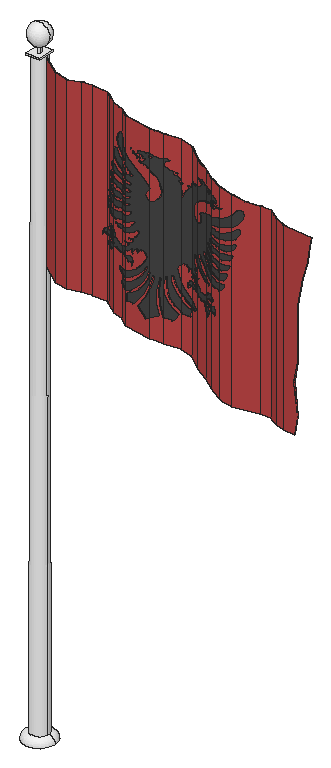
Revit family "Albanian Flag & Flag Pole", category Site, Revit 2014 (continued)
Automatic sketch dimensions
  Extrusion 7 sketch curve to Extrusion 7 sketch curve = 7.353 mm  (x2)
  Extrusion 7 sketch curve to Extrusion 7 sketch curve = 7.862 mm  (x2)
  Extrusion 7 sketch curve to Extrusion 7 sketch curve = 23.492 mm  (x2)
  Extrusion 7 sketch curve to Extrusion 7 sketch curve = 10.713 mm  (x2)
  Extrusion 7 sketch curve to Extrusion 7 sketch curve = 29.705 mm  (x2)
  Extrusion 7 sketch curve to Extrusion 7 sketch curve = 11.208 mm  (x2)
  Extrusion 7 sketch curve to Extrusion 7 sketch curve = 17.169 mm  (x2)
  Extrusion 7 sketch curve to Extrusion 7 sketch curve = 16.18 mm  (x2)
  Extrusion 7 sketch curve to Extrusion 7 sketch curve = 19.778 mm  (x2)
  Extrusion 7 sketch curve to Extrusion 7 sketch curve = 8.069 mm  (x2)
  Extrusion 7 sketch curve to Extrusion 7 sketch curve = 17.321 mm  (x6)
  Extrusion 7 sketch curve to Extrusion 7 sketch curve = 10.163 mm  (x2)
  Extrusion 7 sketch curve to Extrusion 7 sketch curve = 27.302 mm  (x2)
  Extrusion 7 sketch curve to Extrusion 7 sketch curve = 14.751 mm  (x2)
  Extrusion 7 sketch curve to Extrusion 7 sketch curve = 4.894 mm  (x2)
  Extrusion 7 sketch curve to Extrusion 7 sketch curve = 1.122 mm  (x2)
  Extrusion 7 sketch curve to Extrusion 7 sketch curve = 1.444 mm  (x2)
  Extrusion 7 sketch curve to Extrusion 7 sketch curve = 3.451 mm  (x2)
  Extrusion 7 sketch curve to Extrusion 7 sketch curve = 4.19 mm  (x2)
  Extrusion 7 sketch curve to Extrusion 7 sketch curve = 4.883 mm  (x2)
  Extrusion 7 sketch curve to Extrusion 7 sketch curve = 6.55 mm  (x2)
  Extrusion 7 sketch curve to Extrusion 7 sketch curve = 8.555 mm  (x2)
  Extrusion 7 sketch curve to Extrusion 7 sketch curve = 11.108 mm  (x2)
  Extrusion 7 sketch curve to Extrusion 7 sketch curve = 63.747 mm  (x2)
  Extrusion 7 sketch curve to Extrusion 7 sketch curve = 15.992 mm  (x2)
  Extrusion 7 sketch curve to Extrusion 7 sketch curve = 7.552 mm  (x2)
  Extrusion 7 sketch curve to Extrusion 7 sketch curve = 26.636 mm  (x2)
  Extrusion 7 sketch curve to Extrusion 7 sketch curve = 5.872 mm  (x2)
  Extrusion 7 sketch curve to Extrusion 7 sketch curve = 3.724 mm  (x2)
  Extrusion 7 sketch curve to Extrusion 7 sketch curve = 2.335 mm  (x2)
  Extrusion 7 sketch curve to Extrusion 7 sketch curve = 3.138 mm  (x2)
  Extrusion 7 sketch curve to Extrusion 7 sketch curve = 2.868 mm  (x2)
  Extrusion 7 sketch curve to Extrusion 7 sketch curve = 12.481 mm  (x2)
  Extrusion 7 sketch curve to Extrusion 7 sketch curve = 10.301 mm  (x2)
  Extrusion 7 sketch curve to Extrusion 7 sketch curve = 6.411 mm  (x2)
  Extrusion 7 sketch curve to Extrusion 7 sketch curve = 10.435 mm  (x2)
  Extrusion 7 sketch curve to Extrusion 7 sketch curve = 8.07 mm  (x2)
  Extrusion 7 sketch curve to Extrusion 7 sketch curve = 37.995 mm  (x2)
  Extrusion 7 sketch curve to Extrusion 7 sketch curve = 8.139 mm  (x2)
  Extrusion 7 sketch curve to Extrusion 7 sketch curve = 16.857 mm  (x2)
  Extrusion 7 sketch curve to Extrusion 7 sketch curve = 40.626 mm  (x2)
  Extrusion 7 sketch curve to Extrusion 7 sketch curve = 37.901 mm  (x2)
  Extrusion 7 sketch curve to Extrusion 7 sketch curve = 9.677 mm  (x2)
  Extrusion 7 sketch curve to Extrusion 7 sketch curve = 20.455 mm  (x2)
  Extrusion 7 sketch curve to Extrusion 7 sketch curve = 55.168 mm  (x2)
  Extrusion 7 sketch curve to Extrusion 7 sketch curve = 10.836 mm  (x2)
  Extrusion 7 sketch curve to Extrusion 7 sketch curve = 17.906 mm  (x2)
  Extrusion 7 sketch curve to Extrusion 7 sketch curve = 16.968 mm  (x6)
  Extrusion 7 sketch curve to Extrusion 7 sketch curve = 26.103 mm  (x2)
  Extrusion 7 sketch curve to Extrusion 7 sketch curve = 56.301 mm  (x2)
  Extrusion 7 sketch curve to Extrusion 7 sketch curve = 36.94 mm  (x2)
  Extrusion 7 sketch curve to Extrusion 7 sketch curve = 18.854 mm  (x2)
  Extrusion 7 sketch curve to Extrusion 7 sketch curve = 19.851 mm  (x2)
  Extrusion 7 sketch curve to Extrusion 7 sketch curve = 25.752 mm  (x2)
  Extrusion 7 sketch curve to Extrusion 7 sketch curve = 18.062 mm  (x2)
  Extrusion 7 sketch curve to Extrusion 7 sketch curve = 16.282 mm  (x2)
  Extrusion 7 sketch curve to Extrusion 7 sketch curve = 38.567 mm  (x2)
  Extrusion 7 sketch curve to Extrusion 7 sketch curve = 10.807 mm  (x2)
  Extrusion 7 sketch curve to Extrusion 7 sketch curve = 8.462 mm  (x2)
  Extrusion 7 sketch curve to Extrusion 7 sketch curve = 4.125 mm
  Extrusion 7 sketch curve to Extrusion 7 sketch curve = 105.487 mm  (x2)
  Extrusion 7 sketch curve to Extrusion 7 sketch curve = 3.824 mm  (x2)
  Extrusion 7 sketch curve to Extrusion 7 sketch curve = 4.163 mm  (x2)
  Extrusion 7 sketch curve to Extrusion 7 sketch curve = 6.475 mm  (x2)
  Extrusion 7 sketch curve to Extrusion 7 sketch curve = 9.059 mm  (x2)
  Extrusion 7 sketch curve to Extrusion 7 sketch curve = 9.365 mm  (x4)
  Extrusion 7 sketch curve to Extrusion 7 sketch curve = 40.555 mm  (x2)
  Extrusion 7 sketch curve to Extrusion 7 sketch curve = 9.246 mm  (x2)
  Extrusion 7 sketch curve to Extrusion 7 sketch curve = 6.307 mm  (x2)
  Extrusion 7 sketch curve to Extrusion 7 sketch curve = 6.325 mm  (x2)
  Extrusion 7 sketch curve to Extrusion 7 sketch curve = 4.603 mm
  Extrusion 7 sketch curve to Extrusion 7 sketch curve = 3.038 mm
  Extrusion 7 sketch curve to Extrusion 7 sketch curve = 11.395 mm  (x2)
  Extrusion 7 sketch curve to Extrusion 7 sketch curve = 27.884 mm  (x2)
  Extrusion 7 sketch curve to Extrusion 7 sketch curve = 21.548 mm  (x2)
  Extrusion 7 sketch curve to Extrusion 7 sketch curve = 44.421 mm
  Extrusion 7 sketch curve to Extrusion 7 sketch curve = 42.799 mm
  Extrusion 7 sketch curve to Extrusion 7 sketch curve = 1.832 mm  (x4)
  Extrusion 7 sketch curve to Extrusion 7 sketch curve = 14.792 mm  (x2)
  Extrusion 7 sketch curve to Extrusion 7 sketch curve = 8.047 mm  (x2)
  Extrusion 7 sketch curve to Extrusion 7 sketch curve = 13.616 mm  (x2)
  Extrusion 7 sketch curve to Extrusion 7 sketch curve = 13.982 mm  (x2)
  Extrusion 7 sketch curve to Extrusion 7 sketch curve = 10.353 mm  (x6)
  Extrusion 7 sketch curve to Extrusion 7 sketch curve = 19.966 mm  (x2)
  Extrusion 7 sketch curve to Extrusion 7 sketch curve = 33.899 mm  (x2)
  Extrusion 7 sketch curve to Extrusion 7 sketch curve = 22.345 mm  (x2)
  Extrusion 7 sketch curve to Extrusion 7 sketch curve = 23.407 mm  (x2)
  Extrusion 7 sketch curve to Extrusion 7 sketch curve = 100.309 mm  (x2)
  Extrusion 7 sketch curve to Extrusion 7 sketch curve = 2.645 mm  (x2)
  Extrusion 7 sketch curve to Extrusion 7 sketch curve = 24.69 mm  (x2)
  Extrusion 7 sketch curve to Extrusion 7 sketch curve = 21.001 mm  (x2)
  Extrusion 7 sketch curve to Extrusion 7 sketch curve = 7.823 mm  (x2)
  Extrusion 7 sketch curve to Extrusion 7 sketch curve = 6.909 mm  (x2)
  Extrusion 7 sketch curve to Extrusion 7 sketch curve = 10.415 mm  (x2)
  Extrusion 7 sketch curve to Extrusion 7 sketch curve = 3.447 mm  (x2)
  Extrusion 7 sketch curve to Extrusion 7 sketch curve = 7.492 mm  (x6)
  Extrusion 7 sketch curve to Extrusion 7 sketch curve = 3.231 mm  (x2)
  Extrusion 7 sketch curve to Extrusion 7 sketch curve = 5.226 mm  (x2)
  Extrusion 7 sketch curve to Extrusion 7 sketch curve = 9.696 mm  (x6)
  Extrusion 7 sketch curve to Extrusion 7 sketch curve = 34.362 mm  (x2)
  Extrusion 7 sketch curve to Extrusion 7 sketch curve = 17.101 mm  (x2)
  Extrusion 7 sketch curve to Extrusion 7 sketch curve = 1.866 mm  (x2)
  Extrusion 7 sketch curve to Extrusion 7 sketch curve = 4.693 mm  (x2)
  Extrusion 7 sketch curve to Extrusion 7 sketch curve = 5.368 mm  (x2)
  Extrusion 7 sketch curve to Extrusion 7 sketch curve = 15.274 mm  (x2)
  Extrusion 7 sketch curve to Extrusion 7 sketch curve = 32.822 mm  (x2)
  Extrusion 7 sketch curve to Extrusion 7 sketch curve = 30.02 mm  (x2)
  Extrusion 7 sketch curve to Extrusion 7 sketch curve = 29.956 mm  (x2)
  Extrusion 7 sketch curve to Extrusion 7 sketch curve = 14.544 mm  (x2)
  Extrusion 7 sketch curve to Extrusion 7 sketch curve = 28.363 mm  (x2)
  Extrusion 7 sketch curve to Extrusion 7 sketch curve = 4.643 mm  (x2)
  Extrusion 7 sketch curve to Extrusion 7 sketch curve = 8.035 mm  (x2)
  Extrusion 7 sketch curve to Extrusion 7 sketch curve = 12.609 mm  (x2)
  Extrusion 7 sketch curve to Extrusion 7 sketch curve = 6.601 mm  (x2)
  Extrusion 7 sketch curve to Extrusion 7 sketch curve = 2.143 mm  (x2)
  Extrusion 7 sketch curve to Extrusion 7 sketch curve = 2.705 mm  (x2)
  Extrusion 7 sketch curve to Extrusion 7 sketch curve = 0.13 mm  (x2)
  Extrusion 7 sketch curve to Extrusion 7 sketch curve = 0.659 mm  (x2)
  Extrusion 7 sketch curve to Extrusion 7 sketch curve = 80.747 mm  (x2)
  Extrusion 7 sketch curve to Extrusion 7 sketch curve = 19.563 mm  (x2)
  Extrusion 7 sketch curve to Extrusion 7 sketch curve = 5.74 mm  (x2)
  Extrusion 7 sketch curve to Extrusion 7 sketch curve = 6.237 mm  (x6)
  Extrusion 7 sketch curve to Extrusion 7 sketch curve = 15.551 mm  (x2)
  Extrusion 7 sketch curve to Extrusion 7 sketch curve = 11.695 mm  (x6)
  Extrusion 7 sketch curve to Extrusion 7 sketch curve = 10.261 mm  (x2)
  Extrusion 7 sketch curve to Extrusion 7 sketch curve = 10.752 mm  (x2)
  Extrusion 7 sketch curve to Extrusion 7 sketch curve = 12.328 mm  (x2)
  Extrusion 7 sketch curve to Extrusion 7 sketch curve = 11.551 mm  (x2)
  Extrusion 7 sketch curve to Extrusion 7 sketch curve = 46.092 mm  (x2)
  Extrusion 7 sketch curve to Extrusion 7 sketch curve = 4.848 mm  (x4)
  Extrusion 7 sketch curve to Extrusion 7 sketch curve = 44.648 mm  (x2)
  Extrusion 7 sketch curve to Extrusion 7 sketch curve = 33.379 mm  (x2)
  Extrusion 7 sketch curve to Extrusion 7 sketch curve = 28.327 mm  (x2)
  Extrusion 7 sketch curve to Extrusion 7 sketch curve = 30.944 mm  (x2)
  Extrusion 7 sketch curve to Extrusion 7 sketch curve = 40.064 mm  (x2)
  Extrusion 7 sketch curve to Extrusion 7 sketch curve = 7.229 mm  (x2)
  Extrusion 7 sketch curve to Extrusion 7 sketch curve = 11.676 mm  (x2)
  Extrusion 7 sketch curve to Extrusion 7 sketch curve = 13.198 mm  (x2)
  Extrusion 7 sketch curve to Extrusion 7 sketch curve = 10.354 mm  (x2)
  Extrusion 7 sketch curve to Extrusion 7 sketch curve = 13.758 mm  (x2)
  Extrusion 7 sketch curve to Extrusion 7 sketch curve = 4.614 mm  (x2)
  Extrusion 7 sketch curve to Extrusion 7 sketch curve = 3.902 mm  (x2)
  Extrusion 7 sketch curve to Extrusion 7 sketch curve = 23.511 mm  (x4)
  Extrusion 7 sketch curve to Extrusion 7 sketch curve = 78.497 mm  (x2)
  Extrusion 7 sketch curve to Extrusion 7 sketch curve = 3.922 mm  (x2)
  Extrusion 7 sketch curve to Extrusion 7 sketch curve = 4.657 mm  (x2)
  Extrusion 7 sketch curve to Extrusion 7 sketch curve = 2.615 mm  (x2)
  Extrusion 7 sketch curve to Extrusion 7 sketch curve = 12.372 mm  (x2)
  Extrusion 7 sketch curve to Extrusion 7 sketch curve = 19.756 mm  (x2)
  Extrusion 7 sketch curve to Extrusion 7 sketch curve = 4.819 mm  (x2)
  Extrusion 7 sketch curve to Extrusion 7 sketch curve = 4.022 mm  (x2)
  Extrusion 7 sketch curve to Extrusion 7 sketch curve = 16.053 mm  (x2)
  Extrusion 7 sketch curve to Extrusion 7 sketch curve = 5.065 mm  (x2)
  Extrusion 7 sketch curve to Extrusion 7 sketch curve = 26.653 mm
  Extrusion 7 sketch curve to Extrusion 7 sketch curve = 1.45 mm
  Extrusion 7 sketch curve to Extrusion 7 sketch curve = 44.625 mm  (x2)
  Extrusion 7 sketch curve to Extrusion 7 sketch curve = 9.272 mm  (x2)
  Extrusion 7 sketch curve to Extrusion 7 sketch curve = 8.328 mm  (x2)
  Extrusion 7 sketch curve to Extrusion 7 sketch curve = 43.5 mm  (x2)
  Extrusion 7 sketch curve to Extrusion 7 sketch curve = 30.034 mm  (x2)
  Extrusion 7 sketch curve to Extrusion 7 sketch curve = 8.655 mm  (x2)
  Extrusion 7 sketch curve to Extrusion 7 sketch curve = 14.487 mm  (x2)
  Extrusion 7 sketch curve to Extrusion 7 sketch curve = 13.184 mm  (x2)
  Extrusion 7 sketch curve to Extrusion 7 sketch curve = 66.131 mm  (x2)
  Extrusion 7 sketch curve to Extrusion 7 sketch curve = 2.438 mm  (x2)
  Extrusion 7 sketch curve to Extrusion 7 sketch curve = 68.066 mm  (x2)
  Extrusion 7 sketch curve to Extrusion 7 sketch curve = 19.151 mm  (x2)
  Extrusion 7 sketch curve to Extrusion 7 sketch curve = 17.919 mm  (x2)
  Extrusion 7 sketch curve to Extrusion 7 sketch curve = 3.829 mm  (x2)
  Extrusion 7 sketch curve to Extrusion 7 sketch curve = 16.096 mm  (x2)
  Extrusion 7 sketch curve to Extrusion 7 sketch curve = 1.41 mm  (x2)
  Extrusion 7 sketch curve to Extrusion 7 sketch curve = 9.498 mm  (x2)
  Extrusion 7 sketch curve to Extrusion 7 sketch curve = 3.129 mm  (x4)
  Extrusion 7 sketch curve to Extrusion 7 sketch curve = 16.665 mm  (x2)
  Extrusion 7 sketch curve to Extrusion 7 sketch curve = 6.055 mm  (x2)
  Extrusion 7 sketch curve to Extrusion 7 sketch curve = 13.111 mm  (x2)
  Extrusion 7 sketch curve to Extrusion 7 sketch curve = 20.521 mm  (x2)
  Extrusion 7 sketch curve to Extrusion 7 sketch curve = 9.356 mm  (x2)
  Extrusion 7 sketch curve to Extrusion 7 sketch curve = 6.656 mm  (x2)
  Extrusion 7 sketch curve to Extrusion 7 sketch curve = 19.392 mm  (x2)
  Extrusion 7 sketch curve to Extrusion 7 sketch curve = 13.19 mm  (x2)
  Extrusion 7 sketch curve to Extrusion 7 sketch curve = 57.352 mm  (x2)
  Extrusion 7 sketch curve to Extrusion 7 sketch curve = 17.869 mm  (x2)
  Extrusion 7 sketch curve to Extrusion 7 sketch curve = 9.767 mm  (x2)
  Extrusion 7 sketch curve to Extrusion 7 sketch curve = 31.02 mm  (x2)
  Extrusion 7 sketch curve to Extrusion 7 sketch curve = 9.563 mm  (x2)
  Extrusion 7 sketch curve to Extrusion 7 sketch curve = 16.262 mm  (x2)
  Extrusion 7 sketch curve to Extrusion 7 sketch curve = 10.489 mm  (x2)
  Extrusion 7 sketch curve to Extrusion 7 sketch curve = 7.547 mm  (x2)
  Extrusion 7 sketch curve to Extrusion 7 sketch curve = 32.086 mm  (x2)
  Extrusion 7 sketch curve to Extrusion 7 sketch curve = 32.541 mm
  Extrusion 7 sketch curve to Extrusion 7 sketch curve = 18.995 mm  (x2)
  Extrusion 7 sketch curve to Extrusion 7 sketch curve = 97.272 mm
  Extrusion 7 sketch curve to Extrusion 7 sketch curve = 91.217 mm
  Extrusion 7 sketch curve to Extrusion 7 sketch curve = 26.704 mm  (x2)
  Extrusion 7 sketch curve to Extrusion 7 sketch curve = 7 mm  (x2)
  Extrusion 7 sketch curve to Extrusion 7 sketch curve = 19.975 mm  (x2)
  Extrusion 7 sketch curve to Extrusion 7 sketch curve = 4.494 mm  (x2)
  Extrusion 7 sketch curve to Extrusion 7 sketch curve = 14.651 mm  (x2)
  Extrusion 7 sketch curve to Extrusion 7 sketch curve = 8.63 mm  (x2)
  Extrusion 7 sketch curve to Extrusion 7 sketch curve = 18.096 mm  (x2)
  Extrusion 7 sketch curve to Extrusion 7 sketch curve = 27.816 mm  (x2)
  Extrusion 7 sketch curve to Extrusion 7 sketch curve = 31.436 mm
  Extrusion 7 sketch curve to Extrusion 7 sketch curve = 45.79 mm  (x2)
  Extrusion 7 sketch curve to Extrusion 7 sketch curve = 30.188 mm  (x2)
  Extrusion 7 sketch curve to Extrusion 7 sketch curve = 25.441 mm  (x2)
  Extrusion 7 sketch curve to Extrusion 7 sketch curve = 31.513 mm  (x2)
  Extrusion 7 sketch curve to Extrusion 7 sketch curve = 24.11 mm  (x2)
  Extrusion 7 sketch curve to Extrusion 7 sketch curve = 44.663 mm  (x2)
  Extrusion 7 sketch curve to Extrusion 7 sketch curve = 41.008 mm  (x2)
  Extrusion 7 sketch curve to Extrusion 7 sketch curve = 25.228 mm  (x2)
  Extrusion 7 sketch curve to Extrusion 7 sketch curve = 32.889 mm  (x2)
  Extrusion 7 sketch curve to Extrusion 7 sketch curve = 25.462 mm  (x2)
  Extrusion 7 sketch curve to Extrusion 7 sketch curve = 41.145 mm  (x2)
  Extrusion 7 sketch curve to Extrusion 7 sketch curve = 24.985 mm  (x2)
  Extrusion 7 sketch curve to Extrusion 7 sketch curve = 23.959 mm  (x4)
  Extrusion 7 sketch curve to Extrusion 7 sketch curve = 32.459 mm  (x2)
  Extrusion 7 sketch curve to Extrusion 7 sketch curve = 34.739 mm  (x2)
  Extrusion 7 sketch curve to Extrusion 7 sketch curve = 19.074 mm  (x2)
  Extrusion 7 sketch curve to Extrusion 7 sketch curve = 30.832 mm  (x2)
  Extrusion 7 sketch curve to Extrusion 7 sketch curve = 20.624 mm  (x2)
  Extrusion 7 sketch curve to Extrusion 7 sketch curve = 18.868 mm  (x2)
  Extrusion 7 sketch curve to Extrusion 7 sketch curve = 23.846 mm  (x2)
  Extrusion 7 sketch curve to Extrusion 7 sketch curve = 24.871 mm  (x2)
  Extrusion 7 sketch curve to Extrusion 7 sketch curve = 15.973 mm  (x2)
  Extrusion 7 sketch curve to Extrusion 7 sketch curve = 5.788 mm  (x2)
  Extrusion 7 sketch curve to Extrusion 7 sketch curve = 6.096 mm
  Extrusion 7 sketch curve to Extrusion 7 sketch curve = 3.323 mm  (x2)
  Extrusion 7 sketch curve to Extrusion 7 sketch curve = 3.25 mm  (x2)
  Extrusion 7 sketch curve to Extrusion 7 sketch curve = 12.688 mm  (x2)
  Extrusion 7 sketch curve to Extrusion 7 sketch curve = 18.314 mm  (x2)
  Extrusion 7 sketch curve to Extrusion 7 sketch curve = 101.789 mm  (x2)
  Extrusion 7 sketch curve to Extrusion 7 sketch curve = 15.871 mm  (x2)
  Extrusion 7 sketch curve to Extrusion 7 sketch curve = 22.641 mm  (x2)
  Extrusion 7 sketch curve to Extrusion 7 sketch curve = 14.366 mm  (x2)
  Extrusion 7 sketch curve to Extrusion 7 sketch curve = 17.207 mm  (x2)
  Extrusion 7 sketch curve to Extrusion 7 sketch curve = 12.606 mm  (x2)
  Extrusion 7 sketch curve to Extrusion 7 sketch curve = 39.844 mm  (x2)
  Extrusion 7 sketch curve to Extrusion 7 sketch curve = 21.15 mm  (x2)
  Extrusion 7 sketch curve to Extrusion 7 sketch curve = 3.142 mm  (x2)
  Extrusion 7 sketch curve to Extrusion 7 sketch curve = 2.419 mm  (x2)
  Extrusion 7 sketch curve to Extrusion 7 sketch curve = 1.339 mm  (x2)
  Extrusion 7 sketch curve to Extrusion 7 sketch curve = 2.066 mm  (x2)
  Extrusion 7 sketch curve to Extrusion 7 sketch curve = 1.609 mm  (x2)
  Extrusion 7 sketch curve to Extrusion 7 sketch curve = 6.871 mm  (x2)
  Extrusion 7 sketch curve to Extrusion 7 sketch curve = 9.267 mm  (x2)
  Extrusion 7 sketch curve to Extrusion 7 sketch curve = 2.628 mm  (x2)
  Extrusion 7 sketch curve to Extrusion 7 sketch curve = 24.845 mm  (x2)
  Extrusion 7 sketch curve to Extrusion 7 sketch curve = 1.702 mm
  Extrusion 7 sketch curve to Extrusion 7 sketch curve = 8.471 mm  (x2)
  Extrusion 7 sketch curve to Extrusion 7 sketch curve = 15.493 mm  (x2)
  Extrusion 7 sketch curve to Extrusion 7 sketch curve = 23.236 mm
  Extrusion 7 sketch curve to Extrusion 7 sketch curve = 14.392 mm
  Extrusion 7 sketch curve to Extrusion 7 sketch curve = 16.656 mm  (x2)
  Extrusion 7 sketch curve to Extrusion 7 sketch curve = 9.38 mm  (x2)
  Extrusion 7 sketch curve to Extrusion 7 sketch curve = 17.953 mm  (x2)
  Extrusion 7 sketch curve to Extrusion 7 sketch curve = 40.2 mm  (x2)
  Extrusion 7 sketch curve to Extrusion 7 sketch curve = 3.365 mm  (x2)
  Extrusion 7 sketch curve to Extrusion 7 sketch curve = 8.949 mm  (x2)
  Extrusion 7 sketch curve to Extrusion 7 sketch curve = 4.341 mm  (x2)
  Extrusion 7 sketch curve to Extrusion 7 sketch curve = 6.47 mm  (x2)
  Extrusion 7 sketch curve to Extrusion 7 sketch curve = 19.487 mm  (x2)
  Extrusion 7 sketch curve to Extrusion 7 sketch curve = 6.347 mm  (x2)
  Extrusion 7 sketch curve to Extrusion 7 sketch curve = 5.582 mm  (x2)
  Extrusion 7 sketch curve to Extrusion 7 sketch curve = 7.923 mm  (x2)
  Extrusion 7 sketch curve to Extrusion 7 sketch curve = 15.735 mm  (x2)
  Extrusion 7 sketch curve to Extrusion 7 sketch curve = 20.696 mm  (x2)
  Extrusion 7 sketch curve to Extrusion 7 sketch curve = 2.925 mm  (x2)
  Extrusion 7 sketch curve to Extrusion 7 sketch curve = 18.65 mm  (x2)
  Extrusion 7 sketch curve to Extrusion 7 sketch curve = 25.581 mm  (x2)
  Extrusion 7 sketch curve to Extrusion 7 sketch curve = 7.905 mm  (x2)
  Extrusion 7 sketch curve to Extrusion 7 sketch curve = 18.978 mm  (x2)
  Extrusion 7 sketch curve to Extrusion 7 sketch curve = 4.548 mm  (x2)
  Extrusion 7 sketch curve to Extrusion 7 sketch curve = 4.931 mm  (x2)
  Extrusion 7 sketch curve to Extrusion 7 sketch curve = 13.03 mm  (x2)
  Extrusion 7 sketch curve to Extrusion 7 sketch curve = 8.267 mm  (x2)
  Extrusion 7 sketch curve to Extrusion 7 sketch curve = 13.774 mm  (x2)
  Extrusion 7 sketch curve to Extrusion 7 sketch curve = 2.864 mm  (x2)
  Extrusion 7 sketch curve to Extrusion 7 sketch curve = 26.283 mm  (x2)
  Extrusion 7 sketch curve to Extrusion 7 sketch curve = 24.449 mm  (x2)
  Extrusion 7 sketch curve to Extrusion 7 sketch curve = 2.872 mm  (x2)
  Extrusion 7 sketch curve to Extrusion 7 sketch curve = 15.321 mm  (x2)
  Extrusion 7 sketch curve to Extrusion 7 sketch curve = 7.345 mm  (x2)
  Extrusion 7 sketch curve to Extrusion 7 sketch curve = 2.314 mm  (x2)
  Extrusion 7 sketch curve to Extrusion 7 sketch curve = 2.347 mm  (x4)
  Extrusion 7 sketch curve to Extrusion 7 sketch curve = 21.729 mm  (x2)
  Extrusion 7 sketch curve to Extrusion 7 sketch curve = 2.19 mm  (x2)
  Extrusion 7 sketch curve to Extrusion 7 sketch curve = 22.033 mm  (x2)
  Extrusion 7 sketch curve to Extrusion 7 sketch curve = 12.394 mm  (x2)
  Extrusion 7 sketch curve to Extrusion 7 sketch curve = 0.042 mm  (x2)
  Extrusion 7 sketch curve to Extrusion 7 sketch curve = 11.863 mm  (x2)
  Extrusion 7 sketch curve to Extrusion 7 sketch curve = 8.645 mm  (x2)
  Extrusion 7 sketch curve to Extrusion 7 sketch curve = 13.213 mm  (x2)
  Extrusion 7 sketch curve to Extrusion 7 sketch curve = 38.606 mm  (x2)
  Extrusion 7 sketch curve to Extrusion 7 sketch curve = 12.271 mm  (x2)
  Extrusion 7 sketch curve to Extrusion 7 sketch curve = 3.575 mm  (x2)
  Extrusion 7 sketch curve to Extrusion 7 sketch curve = 13.244 mm  (x2)
  Extrusion 7 sketch curve to Extrusion 7 sketch curve = 5.278 mm  (x2)
  Extrusion 7 sketch curve to Extrusion 7 sketch curve = 38.971 mm  (x2)
  Extrusion 7 sketch curve to Extrusion 7 sketch curve = 17.659 mm  (x2)
  Extrusion 7 sketch curve to Extrusion 7 sketch curve = 15.851 mm
  Extrusion 7 sketch curve to Extrusion 7 sketch curve = 10.72 mm
  Extrusion 7 sketch curve to Extrusion 7 sketch curve = 42.743 mm  (x2)
  Extrusion 7 sketch curve to Extrusion 7 sketch curve = 6.751 mm  (x2)
  Extrusion 7 sketch curve to Extrusion 7 sketch curve = 4.909 mm  (x2)
  Extrusion 7 sketch curve to Extrusion 7 sketch curve = 1.307 mm
  Extrusion 7 sketch curve to Extrusion 7 sketch curve = 6.604 mm  (x2)
  Extrusion 7 sketch curve to Extrusion 7 sketch curve = 7.191 mm  (x2)
  Extrusion 7 sketch curve to Extrusion 7 sketch curve = 3.277 mm  (x2)
  Extrusion 7 sketch curve to Extrusion 7 sketch curve = 5.586 mm
  Extrusion 7 sketch curve to Extrusion 7 sketch curve = 10.801 mm  (x2)
  Extrusion 7 sketch curve to Extrusion 7 sketch curve = 57.875 mm
  Extrusion 7 sketch curve to Extrusion 7 sketch curve = 20.593 mm  (x2)
  Extrusion 7 sketch curve to Extrusion 7 sketch curve = 21.109 mm  (x2)
  Extrusion 7 sketch curve to Extrusion 7 sketch curve = 10.551 mm
  Extrusion 7 sketch curve to Extrusion 7 sketch curve = 6.236 mm  (x2)
  Extrusion 7 sketch curve to Extrusion 7 sketch curve = 45.039 mm  (x2)
  plane 1 "Center (Front/Back)" to Extrusion 8 sketch curve = 10.449 mm
  Extrusion 8 sketch curve to plane 5 = 11800 mm
  plane 6 to Extrusion 8 sketch curve = 0.868 mm
  Extrusion 8 sketch curve to Extrusion 8 sketch curve = 245.292 mm
  plane 6 to Extrusion 8 sketch curve = 3.417 mm
  Extrusion 8 sketch curve to Extrusion 8 sketch curve = 0.679 mm
  plane 6 to Extrusion 8 sketch curve = 19.095 mm
  Extrusion 8 sketch curve to Extrusion 8 sketch curve = 179.198 mm
  plane 6 to Extrusion 8 sketch curve = 16.638 mm
  Extrusion 8 sketch curve to Extrusion 8 sketch curve = 0.38 mm
  Extrusion 8 sketch curve to plane 6 = 40.969 mm
  Extrusion 8 sketch curve to Extrusion 8 sketch curve = 148.285 mm
  Extrusion 8 sketch curve to plane 6 = 43.586 mm
  Extrusion 8 sketch curve to Extrusion 8 sketch curve = 0.774 mm
  plane 1 "Center (Front/Back)" to Extrusion 8 sketch curve = 47.302 mm
  Extrusion 8 sketch curve to Extrusion 8 sketch curve = 154.558 mm
  plane 1 "Center (Front/Back)" to Extrusion 8 sketch curve = 44.659 mm
  Extrusion 8 sketch curve to Extrusion 8 sketch curve = 0.881 mm
  Extrusion 8 sketch curve to plane 1 "Center (Front/Back)" = 27.334 mm
  Extrusion 8 sketch curve to Extrusion 8 sketch curve = 145.6 mm  (x2)
  Extrusion 8 sketch curve to plane 1 "Center (Front/Back)" = 29.636 mm
  Extrusion 8 sketch curve to Extrusion 8 sketch curve = 0.212 mm
  Extrusion 8 sketch curve to plane 1 "Center (Front/Back)" = 15.029 mm
  Extrusion 8 sketch curve to Extrusion 8 sketch curve = 45.169 mm
  Extrusion 8 sketch curve to plane 1 "Center (Front/Back)" = 12.312 mm
  Extrusion 8 sketch curve to Extrusion 8 sketch curve = 1.064 mm
  plane 1 "Center (Front/Back)" to Extrusion 8 sketch curve = 62.089 mm
  Extrusion 8 sketch curve to Extrusion 8 sketch curve = 122.35 mm
  Extrusion 8 sketch curve to plane 6 = 62.349 mm
  Extrusion 8 sketch curve to Extrusion 8 sketch curve = 0.816 mm  (x2)
  Extrusion 8 sketch curve to plane 6 = 53.581 mm
  Extrusion 8 sketch curve to Extrusion 8 sketch curve = 128.69 mm
  Extrusion 8 sketch curve to plane 6 = 51.019 mm
  plane 6 to Extrusion 8 sketch curve = 24.878 mm
  Extrusion 8 sketch curve to Extrusion 8 sketch curve = 124.744 mm
  plane 6 to Extrusion 8 sketch curve = 27.34 mm
  Extrusion 8 sketch curve to Extrusion 8 sketch curve = 0.656 mm
  plane 6 to Extrusion 8 sketch curve = 9.231 mm
  Extrusion 8 sketch curve to Extrusion 8 sketch curve = 345.545 mm
  plane 6 to Extrusion 8 sketch curve = 6.702 mm
  Extrusion 8 sketch curve to Extrusion 8 sketch curve = 0.616 mm
  Extrusion 8 sketch curve to plane 6 = 60.754 mm
  Extrusion 8 sketch curve to Extrusion 8 sketch curve = 149.468 mm
  plane 1 "Center (Front/Back)" to Extrusion 8 sketch curve = 63.4 mm
  Extrusion 8 sketch curve to Extrusion 8 sketch curve = 1.295 mm
  Extrusion 8 sketch curve to plane 1 "Center (Front/Back)" = 51.227 mm
  Extrusion 8 sketch curve to Extrusion 8 sketch curve = 154.596 mm
  Extrusion 8 sketch curve to plane 1 "Center (Front/Back)" = 53.869 mm
  Extrusion 8 sketch curve to Extrusion 8 sketch curve = 1.025 mm
  plane 7 to Extrusion 8 sketch curve = 47.533 mm
  Extrusion 8 sketch curve to Extrusion 8 sketch curve = 145.174 mm
  plane 7 to Extrusion 8 sketch curve = 49.926 mm
  Extrusion 8 sketch curve to Extrusion 8 sketch curve = 0.39 mm
  Extrusion 8 sketch curve to plane 1 "Center (Front/Back)" = 5.082 mm
  Extrusion 8 sketch curve to plane 1 "Center (Front/Back)" = 2.398 mm
  Extrusion 8 sketch curve to Extrusion 8 sketch curve = 0.96 mm  (x2)
  plane 1 "Center (Front/Back)" to Extrusion 8 sketch curve = 44.361 mm
  Extrusion 8 sketch curve to Extrusion 8 sketch curve = 151.209 mm
  plane 1 "Center (Front/Back)" to Extrusion 8 sketch curve = 47.044 mm
  Extrusion 8 sketch curve to plane 6 = 3.082 mm
  Extrusion 8 sketch curve to Extrusion 8 sketch curve = 155.179 mm
  Extrusion 8 sketch curve to plane 6 = 0.459 mm
  Extrusion 8 sketch curve to Extrusion 8 sketch curve = 0.842 mm
  plane 6 to Extrusion 8 sketch curve = 28.4 mm
  Extrusion 8 sketch curve to Extrusion 8 sketch curve = 147.27 mm
  plane 6 to Extrusion 8 sketch curve = 30.868 mm
  Extrusion 8 sketch curve to Extrusion 8 sketch curve = 0.111 mm
  plane 6 to Extrusion 8 sketch curve = 11.289 mm
  Extrusion 8 sketch curve to Extrusion 8 sketch curve = 159.565 mm
  plane 6 to Extrusion 8 sketch curve = 8.722 mm
  Extrusion 8 sketch curve to Extrusion 8 sketch curve = 0.698 mm
  plane 1 "Center (Front/Back)" to Extrusion 8 sketch curve = 0.495 mm
  Extrusion 8 sketch curve to Extrusion 8 sketch curve = 294.802 mm
  Extrusion 8 sketch curve to plane 1 "Center (Front/Back)" = 2.156 mm
  Extrusion 8 sketch curve to Extrusion 8 sketch curve = 0.878 mm
  Extrusion 8 sketch curve to plane 1 "Center (Front/Back)" = 41.512 mm
  Extrusion 8 sketch curve to Extrusion 8 sketch curve = 137.251 mm
  Extrusion 8 sketch curve to plane 1 "Center (Front/Back)" = 39.2 mm
  Extrusion 8 sketch curve to Extrusion 8 sketch curve = 0.306 mm
  plane 1 "Center (Front/Back)" to Extrusion 8 sketch curve = 45.138 mm
  Extrusion 8 sketch curve to Extrusion 8 sketch curve = 156.013 mm
  plane 1 "Center (Front/Back)" to Extrusion 8 sketch curve = 47.792 mm
  Extrusion 8 sketch curve to Extrusion 8 sketch curve = 0.924 mm
  Extrusion 8 sketch curve to plane 6 = 47.887 mm
  Extrusion 8 sketch curve to Extrusion 8 sketch curve = 135.343 mm
  Extrusion 8 sketch curve to plane 6 = 45.371 mm
  Extrusion 8 sketch curve to Extrusion 8 sketch curve = 0.371 mm
  Extrusion 8 sketch curve to plane 6 = 19.663 mm
  Extrusion 8 sketch curve to Extrusion 8 sketch curve = 538.175 mm
  Extrusion 8 sketch curve to Extrusion 8 sketch curve = 2.497 mm
  Extrusion 8 sketch curve to Extrusion 8 sketch curve = 2.218 mm
  Extrusion 9 sketch curve to Extrusion 9 sketch curve = 299.998 mm
  Extrusion 9 sketch curve to plane 8 = 0 mm
  plane 8 to Extrusion 9 sketch curve = 2774.532 mm
  Extrusion 9 sketch curve to plane 5 = 11799.74 mm
  Extrusion 9 sketch curve to Extrusion 9 sketch curve = 23.956 mm
  plane 8 to Extrusion 9 sketch curve = 2779.435 mm
  Extrusion 9 sketch curve to Extrusion 9 sketch curve = 27.809 mm
  plane 8 to Extrusion 9 sketch curve = 88.925 mm
  Extrusion 9 sketch curve to Extrusion 9 sketch curve = 244.319 mm  (x2)
  plane 8 to Extrusion 9 sketch curve = 2868.361 mm
  plane 8 to Extrusion 9 sketch curve = 114.969 mm
  Extrusion 9 sketch curve to Extrusion 9 sketch curve = 440.332 mm  (x2)
  plane 8 to Extrusion 9 sketch curve = 2894.404 mm
  plane 8 to Extrusion 9 sketch curve = 215.055 mm
  Extrusion 9 sketch curve to Extrusion 9 sketch curve = 274.984 mm  (x2)
  plane 8 to Extrusion 9 sketch curve = 2994.491 mm
  plane 8 to Extrusion 9 sketch curve = 267.15 mm
  Extrusion 9 sketch curve to Extrusion 9 sketch curve = 295.441 mm  (x2)
  plane 8 to Extrusion 9 sketch curve = 3046.585 mm
  plane 8 to Extrusion 9 sketch curve = 343.555 mm
  Extrusion 9 sketch curve to Extrusion 9 sketch curve = 433.313 mm  (x2)
  plane 8 to Extrusion 9 sketch curve = 3122.991 mm
  plane 8 to Extrusion 9 sketch curve = 493.398 mm
  Extrusion 9 sketch curve to Extrusion 9 sketch curve = 370.871 mm  (x2)
  plane 8 to Extrusion 9 sketch curve = 3272.833 mm
  plane 8 to Extrusion 9 sketch curve = 612.187 mm
  Extrusion 9 sketch curve to Extrusion 9 sketch curve = 224.438 mm  (x2)
  plane 8 to Extrusion 9 sketch curve = 3391.622 mm
  plane 8 to Extrusion 9 sketch curve = 643.245 mm
  Extrusion 9 sketch curve to Extrusion 9 sketch curve = 115.91 mm  (x2)
  plane 8 to Extrusion 9 sketch curve = 3422.681 mm
  plane 8 to Extrusion 9 sketch curve = 679.48 mm
  Extrusion 9 sketch curve to Extrusion 9 sketch curve = 135.229 mm  (x2)
  plane 8 to Extrusion 9 sketch curve = 3484.244 mm
  Extrusion 9 sketch curve to Extrusion 9 sketch curve = 169.144 mm  (x2)
  plane 8 to Extrusion 9 sketch curve = 715.714 mm
  plane 8 to Extrusion 9 sketch curve = 3551.863 mm
  Extrusion 9 sketch curve to Extrusion 9 sketch curve = 145.008 mm  (x2)
  plane 8 to Extrusion 9 sketch curve = 3579.376 mm
  Extrusion 9 sketch curve to Extrusion 9 sketch curve = 102.68 mm  (x2)
  plane 8 to Extrusion 9 sketch curve = 777.278 mm
  plane 8 to Extrusion 9 sketch curve = 844.897 mm
  plane 8 to Extrusion 9 sketch curve = 872.41 mm
  Extrusion 9 sketch curve to Extrusion 9 sketch curve = 487.032 mm  (x2)
  plane 8 to Extrusion 9 sketch curve = 2973.647 mm
  Extrusion 9 sketch curve to Extrusion 9 sketch curve = 410.479 mm
  Extrusion 9 sketch curve to Extrusion 9 sketch curve = 416.606 mm
  plane 8 to Extrusion 9 sketch curve = 3411.812 mm
  Extrusion 9 sketch curve to Extrusion 9 sketch curve = 44.689 mm
  plane 8 to Extrusion 9 sketch curve = 2685.461 mm
  Extrusion 9 sketch curve to Extrusion 9 sketch curve = 50.815 mm
  Extrusion 9 sketch curve to Extrusion 9 sketch curve = 0 mm  (x2)
  plane 8 to Extrusion 9 sketch curve = 1945.465 mm
  plane 8 to Extrusion 9 sketch curve = 1554.208 mm
  Extrusion 9 sketch curve to Extrusion 9 sketch curve = 83.165 mm
  plane 8 to Extrusion 9 sketch curve = 1312.552 mm
  Extrusion 9 sketch curve to Extrusion 9 sketch curve = 78.011 mm
  plane 8 to Extrusion 9 sketch curve = 1193.009 mm
  Extrusion 9 sketch curve to Extrusion 9 sketch curve = 10.459 mm
  plane 8 to Extrusion 9 sketch curve = 1015.745 mm
  Extrusion 9 sketch curve to Extrusion 9 sketch curve = 31.257 mm
  Extrusion 9 sketch curve to Extrusion 9 sketch curve = 15.396 mm
  Extrusion 9 sketch curve to Extrusion 9 sketch curve = 113.806 mm
  Extrusion 9 sketch curve to Extrusion 9 sketch curve = 85.877 mm
  Extrusion 9 sketch curve to Extrusion 9 sketch curve = 1350.896 mm
  Extrusion 9 sketch curve to Extrusion 9 sketch curve = 57.457 mm
Types (3, lengths in mm): name | Inner Pole Bottom | Height
  30' | 0 | 9144
  40' | 3048 | 12192
  20' | 0 | 6096
